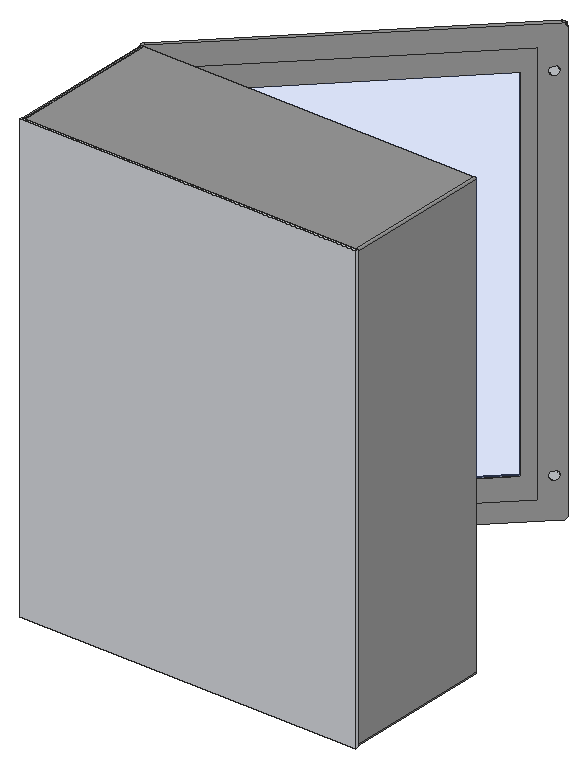
Revit family "Building-SurfaceMountingEnclosures-GEWISS-46QP-DISTRIBUTION-BOARD-POLYESTER_TRANSPARENT_DOOR_IP66", category Attrezzatura elettrica, host Muro, Revit 2016
Family settings
  Host = Muro
  Configurazione quadro = Due colonne, circuiti in orizzontale
  Tipo di parte = Pannello comandi
  Quota connettore circolare = Usa diametro
  Numero OmniClass = 23.80.30.11.17
  Titolo OmniClass = Distribution Boards and Control Panels
  Sempre verticale = Sì
  Taglio con vuoti quando caricato = No
  Condiviso = No
  Punto di calcolo locali = Sì
Parameters (values of type "GW46207F - WT.POLYEST. BOARD 800X1060X350 WIN. DOOR")
  Voltaggio = no
  Voltage = 0 V
  Vista di pianta [instance] = yes
  Vetro = GEWISS - VETRO
  Version file RFA = "18.0"
  URL = "https://www.gewiss.com/ww/en"
  Type of material = "Halogen-free in compliance with EN 60754-2"
  Type of door = "Transparent door"
  Thermo-pressure with ball = "200 °C"
  Technical sheet = "https://www.gewiss.com/ww/en/search?q=GW46207F"
  Surface-mounting brackets = "GW46446-GW46451"
  Struttura quadro = GEWISS - GRIGIO RAL 7035
  Standard. = "EN 61439-1, EN 61439-2, EN62208, EN 60670-1, IEC 60670-24"
  Sportello visibile [instance] = yes
  Spessore quadro = 350 mm
  Simbolo [instance] = yes
  Shock resistance = "Bottom IK10"
  SEO = "Board"
  Realized by GEWISS S.p.A. = ""
  Rated insulation voltage (Ui) = "1000 V"
  Produttore = "GEWISS S.p.A."
  Pannello = GEWISS - GRIGIO RAL 7035
  Operating temperature = "-25 +60 °C"
  Offset etichetta nome quadro [instance] = 1330.318 mm
  Numero poli = 1
  Nominal dim. LxHxD (mm) = "800x1060x350"
  No. of modules EN 50022: = "180 (36x5)"
  No. of modules EN 50022 = "180 (36x5)"
  No. locks = "2"
  Modello = "GW46207F"
  Maximum rated insulation voltage (Ue) = "690V"
  Material = "Polyester reinforced with fibreglass"
  Larghezza quadro = 800 mm
  Kit for double insulation restore = "GW46526"
  Insulation voltage: = "1000 V according to EN 62208 both in ac as well as in dc"
  Insulation voltage = "1000V"
  Insulation class = "II"
  Immagine tipo = 46 OBLò.JPG
  IP degree = "IP66"
  IFC.TypeObject = ""
  IFC.ExportType = ""
  IFC.ExportAs = ""
  IDT = "7e35b214-ea7b-432e-a143-ac9dd760c749"
  IDF = "878e5a25-aa0b-436d-80b1-56927f2d429c"
  H_quadro = 1060 mm
  H_da terra [instance] = 500 mm
  Glow Wire Test = "650°C"
  GEWISS SCHEDA TECNICA = "http://pro.gewiss.com/irj/portal/?NavigationTarget=pcd:portal_content/com.gewiss.ZPPFDMain/com.gewiss.ZPPFDITMain/com.gewiss.ZPPFDITMainDefault/com.gewiss.ZPPFDITPages/com.gewiss.ZPPFDITPagesAP/com.gewiss.ZPPFDITPagesAPCatalogo/com.gewiss.ZPPPDITAPProductDetail&codProd=GW46207"
  GW - NOME QUADRO [instance] = "NOME QUADRO"
  GEWISS - GUAINA = GEWISS - GUAINA
  Functional dim. LxHxD (mm) = "783x1066x350"
  Fast & Easy = "Yes"
  Family = "46 QP"
  Etichetta nome quadro [instance] = yes
  Electrocod = "0321"
  EAN code = "8011564854840"
  Distanza_fori = 100 mm
  Distanza orizzontale del simbolo [instance] = 947.222 mm
  Distanza dal muro [instance] = 4.208 mm
  Dispersible power B (W) = "226"
  Dispersible power A (W) = "324"
  Dispersible power (W) = "226"
  Dettaglio = DETTAGLIO QUADRI IN POLIESTERE OBLO : GW46207
  Descrizione = "WT.POLYEST. BOARD 800X1060X350 WIN. DOOR"
  Cornice simbolo [instance] = yes
  Colour = "Grey RAL 7035"
  Classificazione carico = Altro
  Classificazione = no
  Characteristics = "UV resistance (EN 62208)"
  Catalogue Range = "46 QP"
  Catalogue = "BUILDING"
  Carico apparente = no
  Carico Apparente = 0 VA
  COBie.Tagnumber = ""
  COBie.CreatedOn = ""
  COBie.CreatebBy = ""
  COBie.ComponentRegisterItemID = ""
  COBie.Component.TagNumber = ""
  COBie.Component.Space = ""
  COBie.Component.SerialNumber = ""
  COBie.Component.InstallationDate = ""
  COBie.Component.Description = ""
  COBie.Component.BarCode = ""
  Apertura quadro [instance] = 45.00°
  Angolo di apertura reale [instance] = if(Apertura quadro < 0.00°, 0.00°, if(Apertura quadro > 180.00°, 180.00°, Apertura quadro))  # 45.00°
Reference planes
  plane 1 "Muro": y = 0
  plane 2 "Centro (Sinistra/Destra)": x = 125
  plane 3 "Indietro": y = 75
  plane 4 "SX": x = 0
  plane 5 "DX": x = 800
  plane 6: y = 431
  plane 7 "Base quadro": z = 500
  plane 8: z = 1560
  plane 9: y = 81
  plane 10: z = 1510
  plane 11: z = 550
  plane 12: z = 1030
  plane 13: x = -822.222
  plane 14: y = 1405.318
Forms (mm)
  Extrusion 1, solid, material "GEWISS - GRIGIO RAL 7035" <- "Struttura quadro"
    sketch origin (0, 0, 0) x (1, 0, 0) y (0, 0, 1)
      loop
        line (795.201, 1560) -> (4.799, 1560)
        arc (4.799, 1560) -> (1.406, 1558.594) -> (0, 1555.201) r 4.799
        line (0, 1555.201) -> (0, 504.799)
        arc (0, 504.799) -> (1.405, 501.405) -> (4.799, 500) r 4.799
        line (4.799, 500) -> (795.201, 500)
        arc (795.201, 500) -> (798.594, 501.406) -> (800, 504.799) r 4.799
        line (800, 504.799) -> (800, 1555.201)
        arc (800, 1555.201) -> (798.594, 1558.594) -> (795.201, 1560) r 4.799
      loop
        line (795.201, 1556) -> (4.799, 1556)
        arc (4.799, 1556) -> (4.234, 1555.766) -> (4, 1555.201) r 0.799
        line (4, 1555.201) -> (4, 504.799)
        arc (4, 504.799) -> (4.234, 504.234) -> (4.799, 504) r 0.799
        line (4.799, 504) -> (795.201, 504)
        arc (795.201, 504) -> (795.766, 504.234) -> (796, 504.799) r 0.799
        line (796, 504.799) -> (796, 1555.201)
        arc (796, 1555.201) -> (795.766, 1555.766) -> (795.201, 1556) r 0.799
    from -431 to -81
  Extrusion 2, solid
    sketch origin (0, 0, 0) x (1, 0, 0) y (0, 0, 1)
      loop
        line (800, 1560) -> (0, 1560) -> (0, 500) -> (800, 500) -> (800, 1560)
    from -81 to -75
Lines and regions (mm)
  Masking region 1, visible <- "Vista di pianta"
    outline origin (0, 431, 0) x (0.707107, 0.707107, 0) y (-0.707107, 0.707107, 0)
      loop
        line (0, 0) -> (-251.73, -251.73) -> (313.955, -817.415) -> (565.685, -565.685) -> (0, 0)
  Masking region 2
    outline origin (125, 0, 0) x (0, 1, 0) y (0, 0, 1)
      loop
        line (75, 500) -> (431, 500) -> (431, 1560) -> (75, 1560) -> (75, 500)
  reference lines
    curve 1: line (0, 431, 0) -> (282.843, 713.843, 0)
Text (mm)
  text "Lato posizionamento" at (-2540.362, 1733.729, 0), in view "Livello rif."
  text "Lato posizionamento" at (0, 1409.804, 2854.306), in view "Sinistra"
  text "Lato posizionamento" at (0, 499.811, 2980.732), in view "Destra"
Dimensions and locks
  locked: plane 3 "Indietro" to host wall
  "H_da terra": level to plane 7 "Base quadro"
  "H_quadro": plane 7 "Base quadro" to plane 8
  locked: Extrusion 1 sketch curve to Extrusion 1 sketch curve at 4  (x4)
  locked: plane 9 to host wall at 6
  "Spessore quadro": plane 6 to plane 9
  locked: plane 10 to plane 8 at 50
  locked: plane 7 "Base quadro" to plane 11 at 50
  equal spacing: plane 7 "Base quadro", plane 12, plane 8
  "Larghezza quadro": plane 4 "SX" to plane 5 "DX"
  "Distanza orizzontale del simbolo": plane 13 to plane 2 "Centro (Sinistra/Destra)"
  "Offset etichetta nome quadro": plane 14 to plane 3 "Indietro"
  "Apertura quadro": angle plane 6 to curve 1
  aligned and locked: plane 1 "Muro" to host wall
  aligned and locked: plane 8 to Extrusion 1 sketch curve
  aligned and locked: plane 5 "DX" to Extrusion 1 sketch curve
  aligned and locked: Extrusion 1 sketch curve to plane 4 "SX"
  aligned and locked: plane 6 to Extrusion 1
  aligned and locked: Extrusion 1 to plane 9
  aligned and locked: plane 4 "SX" to Extrusion 2 sketch curve
  aligned and locked: plane 7 "Base quadro" to Extrusion 2 sketch curve
  aligned and locked: Extrusion 2 sketch curve to plane 5 "DX"
  aligned and locked: Extrusion 2 sketch curve to plane 8
  aligned and locked: plane 9 to Extrusion 2
  aligned and locked: Extrusion 2 to host wall
  aligned and locked: plane 6 to curve 1
  aligned and locked: plane 7 "Base quadro" to Extrusion 1 sketch curve
  aligned and locked: plane 12 to nested 2
  aligned and locked: nested 2 to plane 5 "DX"
  aligned and locked: Masking region 1 sketch curve to plane 6
  aligned and locked: Masking region 1 sketch curve to plane 5 "DX"
  aligned and locked: plane 4 "SX" to Masking region 1 sketch curve
  aligned and locked: Masking region 1 sketch curve to plane 3 "Indietro"
  aligned and locked: plane 13 to nested 3
  aligned and locked: plane 14 to nested 4
  aligned and locked: Masking region 2 sketch curve to Extrusion 2  (x2)
  aligned and locked: Masking region 2 sketch curve to Extrusion 1  (x2)
Automatic sketch dimensions
  Extrusion 1 sketch curve to Extrusion 1 sketch curve = 0 mm  (x6)
  Extrusion 1 sketch curve to Extrusion 1 sketch curve = 0.799 mm  (x4)
  curve 1 to plane 4 "SX" = 0 mm
Nested families
  nested 1: "GEWISS - Pannello OBLO'" at (88.416, 519.416, 0) x (0.7071, 0.7071, 0) z (0, 0, 1), visible <- "Sportello visibile", type "GEWISS - Pannello OBLO'"
    with Larghezza pannello 800 mm, H_pannello 1060 mm
  nested 2: "DETTAGLIO QUADRI IN POLIESTERE OBLO" at (800, 0, 1030) x (-1, 0, 0) z (0, -1, 0), type <- "Dettaglio", type "GW46207"
  nested 3: "QUADRILAN" at (-822.222, 75, 0), Distanza dal muro <- "Distanza dal muro", BORDO ACCESO <- "Cornice simbolo", SIMBOLO ACCESO <- "Simbolo", type "QUADRILAN"
    with SIMBOLO ACCESO yes, Distanza dal muro 4.208 mm, BORDO ACCESO yes
  nested 4: "NOME QUADRO" at (316.741, 1405.318, 0), TXT <- "GW - NOME QUADRO", visible <- "Etichetta nome quadro", type "NOME QUADRO"
    with TXT "NOME QUADRO"
Connectors
  electrical at (400, 253, 0), driven by "Numero poli", driven by "Classificazione carico", driven by "Voltage", driven by "Carico Apparente"
    settings: on Masking region 1, index 1, voltage 0 V, apparent load 0 VA, apparent load phase1 0 VA, apparent load phase2 0 VA, apparent load phase3 0 VA, power factor 1, load classification "Altro", number of poles 1, system type 31, power factor state 1, is connector primary yes, connector utility no, sub classification motor no, connector description ""
Definition of nested family "GEWISS - Pannello OBLO'"
  Parameters (values of type "GEWISS - Pannello OBLO'")
    Vetro = none
    Default Elevation = 1219.2 mm
    Pannello = none
    Larghezza pannello = 585 mm
    H_pannello = 800 mm
    H_da terra = 500 mm
    Guaina = none
  Reference planes
    plane 1 "Centro (Fronte/Retro)": y = 0
    plane 2: z = 0
    plane 3 "Centro (Sinistra/Destra)": x = 0
    plane 4: x = -125
    plane 5: x = 460
    plane 6: y = 8
    plane 7: z = 1300
    plane 8: z = 1198.581
    plane 9: z = 596.581
    plane 10: x = 435
    plane 11: z = 500
    plane 12: x = -69.978
    plane 13: x = 402.022
    plane 14: z = 1248.581
    plane 15: z = 546.581
    plane 16: x = 372.022
    plane 17: x = -39.978
  Forms (mm)
    Extrusion 1, void
      sketch origin (0, 0, 0) x (1, 0, 0) y (0, 0, 1)
        loop
          circle (435, 1198.581) r 10
        loop
          circle (435, 596.581) r 10
      from -8 to 0
    Extrusion 2, solid, material <- "Pannello"
      sketch origin (0, 0, 0) x (1, 0, 0) y (0, 0, 1)
        loop
          arc (-115.38, 1300) -> (-121.899, 1297.384) -> (-125, 1291.081) r 9.814
          line (-125, 1291.081) -> (-125, 509.562)
          arc (-125, 509.562) -> (-122.127, 502.852) -> (-115.407, 500) r 9.781
          line (-115.407, 500) -> (450.415, 500)
          arc (450.415, 500) -> (457.129, 502.852) -> (460, 509.557) r 9.777
          line (460, 509.557) -> (460, 1290.935)
          arc (460, 1290.935) -> (456.943, 1297.334) -> (450.373, 1300) r 9.809
          line (450.373, 1300) -> (-115.38, 1300)
        loop
          line (-69.978, 546.581) -> (402.022, 546.581) -> (402.022, 1248.581) -> (-69.978, 1248.581) -> (-69.978, 546.581)
      from -8 to 0
    Extrusion 3, solid
      sketch origin (0, 0, 0) x (1, 0, 0) y (0, 0, 1)
        loop
          circle (435, 1198.581) r 10
        loop
          circle (435, 596.581) r 10
      from -11.061 to 0
    Extrusion 4, solid, material <- "Vetro"
      sketch origin (0, 0, 0) x (1, 0, 0) y (0, 0, 1)
        loop
          line (-39.978, 596.581) -> (372.022, 596.581) -> (372.022, 1198.581) -> (-39.978, 1198.581) -> (-39.978, 596.581)
      from -8 to 0
    Extrusion 5, solid, material <- "Guaina"
      sketch origin (0, 0, 0) x (1, 0, 0) y (0, 0, 1)
        loop
          line (-69.978, 1248.581) -> (-69.978, 546.581) -> (402.022, 546.581) -> (402.022, 1248.581) -> (-69.978, 1248.581)
        loop
          line (-39.978, 1198.581) -> (-39.978, 596.581) -> (372.022, 596.581) -> (372.022, 1198.581) -> (-39.978, 1198.581)
      from -8 to 0
  Cuts and joins
    Extrusion 1 cuts Extrusion 2
  Dimensions and locks
    locked: plane 1 "Centro (Fronte/Retro)" to plane 6 at 8
    locked: plane 5 to plane 10 at 25
    "H_pannello": plane 7 to plane 11
    "H_da terra": plane 11 to plane 2
    "Larghezza pannello": plane 4 to plane 5
    locked: plane 7 to plane 14 at 51.419
    locked: plane 15 to plane 11 at 46.581
    locked: plane 12 to plane 4 at 55.022
    locked: plane 5 to plane 13 at 57.978
    locked: Extrusion 3 to plane 6 at 3.061
    plane 14 to plane 8 = 50 mm
    locked: plane 17 to plane 12 at 30
    locked: plane 13 to plane 16 at 30
    locked: plane 9 to plane 15 at 50
    aligned and locked: level to plane 2
    aligned and locked: plane 8 to Extrusion 1 sketch curve
    aligned and locked: plane 10 to Extrusion 1 sketch curve  (x2)
    aligned and locked: plane 9 to Extrusion 1 sketch curve
    aligned and locked: plane 6 to Extrusion 1
    aligned and locked: plane 1 "Centro (Fronte/Retro)" to Extrusion 1
    aligned and locked: Extrusion 2 sketch curve to plane 4
    aligned and locked: Extrusion 2 sketch curve to plane 7
    aligned and locked: Extrusion 2 sketch curve to plane 5
    aligned and locked: Extrusion 2 sketch curve to plane 11
    aligned and locked: plane 6 to Extrusion 2
    aligned and locked: plane 1 "Centro (Fronte/Retro)" to Extrusion 2
    aligned and locked: plane 12 to Extrusion 2
    aligned and locked: Extrusion 2 to plane 13
    aligned and locked: Extrusion 2 to plane 14
    aligned and locked: Extrusion 2 to plane 15
    aligned and locked: plane 8 to Extrusion 3 sketch curve
    aligned and locked: plane 10 to Extrusion 3 sketch curve  (x2)
    aligned and locked: plane 9 to Extrusion 3 sketch curve
    aligned and locked: plane 1 "Centro (Fronte/Retro)" to Extrusion 3
    aligned and locked: plane 6 to Extrusion 4
    aligned and locked: plane 1 "Centro (Fronte/Retro)" to Extrusion 4
    aligned and locked: Extrusion 5 sketch curve to cut or joined group of Extrusion 1, Extrusion 2  (x4)
    aligned and locked: Extrusion 5 sketch curve to plane 8
    aligned and locked: plane 17 to Extrusion 5 sketch curve
    aligned and locked: plane 9 to Extrusion 5 sketch curve
    aligned and locked: Extrusion 5 sketch curve to plane 16
    aligned and locked: plane 6 to Extrusion 5
    aligned and locked: plane 1 "Centro (Fronte/Retro)" to Extrusion 5
    aligned and locked: plane 17 to Extrusion 4 sketch curve
    aligned and locked: plane 9 to Extrusion 4 sketch curve
    aligned and locked: Extrusion 4 sketch curve to plane 16
    aligned and locked: Extrusion 4 sketch curve to plane 8
  Automatic sketch dimensions
    plane 4 to Extrusion 2 sketch curve = 9.593 mm
    plane 4 to Extrusion 2 sketch curve = 9.62 mm
    plane 4 to Extrusion 2 sketch curve = 9.773 mm
    plane 4 to Extrusion 2 sketch curve = 9.779 mm
    Extrusion 2 sketch curve to plane 5 = 9.781 mm
    Extrusion 2 sketch curve to plane 5 = 9.774 mm
    Extrusion 2 sketch curve to plane 5 = 9.627 mm
    Extrusion 2 sketch curve to plane 5 = 9.585 mm
    plane 11 to Extrusion 2 sketch curve = 9.557 mm
    plane 11 to Extrusion 2 sketch curve = 9.562 mm
    Extrusion 2 sketch curve to Extrusion 2 sketch curve = 9.812 mm
    Extrusion 2 sketch curve to Extrusion 2 sketch curve = 9.808 mm
    Extrusion 2 sketch curve to plane 14 = 0 mm
    Extrusion 2 sketch curve to plane 12 = 0 mm
    Extrusion 2 sketch curve to plane 13 = 0 mm
    Extrusion 2 sketch curve to plane 15 = 0 mm
    radius of Extrusion 1 sketch curve = 10 mm  (x2)
    radius of Extrusion 3 sketch curve = 10 mm  (x2)
Definition of nested family "DETTAGLIO QUADRI IN POLIESTERE OBLO"
  Parameters (values of type "GW46207")
    gw46202 = no
    GW46207 = yes
    GW46206 = no
    GW46205 = no
    GW46204 = no
    GW46203 = no
    GW46201 = no
  Types (7, lengths in mm): name | gw46202 | GW46207 | GW46206 | GW46205 | GW46204 | GW46203 | GW46201
    GW46201 | no | no | no | no | no | no | yes
    GW46202 | yes | no | no | no | no | no | no
    GW46203 | no | no | no | no | no | yes | no
    GW46204 | no | no | no | no | yes | no | no
    GW46205 | no | no | no | yes | no | no | no
    GW46206 | no | no | yes | no | no | no | no
    GW46207 | no | yes | no | no | no | no | no
  Reference planes
    plane 1 "Centro (Fronte/Retro)": y = 0
    plane 2: z = 0
    plane 3 "Centro (Sinistra/Destra)": x = 0
  Lines and regions (mm)
    detail lines, in view "Livello rif.", visible <- "gw46202"
      curve 1: line (313, -201.674, 0) -> (0, -201.674, 0)
      curve 2: line (0, -201.674, 0) -> (0, 201.674, 0)
      curve 3: line (0, 201.674, 0) -> (313, 201.674, 0)
      curve 4: line (313, 201.674, 0) -> (313, -201.674, 0)
      curve 5: line (313, -201.674, 0) -> (312.445, -205.793, 0)
      curve 6: line (312.445, -205.793, 0) -> (310.251, -209.251, 0)
      curve 7: line (310.251, -209.251, 0) -> (307.455, -211.178, 0)
      curve 8: line (307.455, -211.178, 0) -> (303.613, -212, 0)
      curve 9: line (303.613, -212, 0) -> (9.387, -212, 0)
      curve 10: line (313, 201.674, 0) -> (312.498, 205.7, 0)
      curve 11: line (312.498, 205.7, 0) -> (310.581, 208.905, 0)
      curve 12: line (310.581, 208.905, 0) -> (307.644, 211.084, 0)
      curve 13: line (307.644, 211.084, 0) -> (303.613, 212, 0)
      curve 14: line (303.613, 212, 0) -> (9.387, 212, 0)
      curve 15: line (9.387, 212, 0) -> (5.579, 211.187, 0)
      curve 16: line (5.579, 211.187, 0) -> (2.419, 208.905, 0)
      curve 17: line (2.419, 208.905, 0) -> (0.553, 205.839, 0)
      curve 18: line (0.553, 205.839, 0) -> (0, 201.674, 0)
      curve 19: line (0, -201.674, 0) -> (0.586, -205.878, 0)
      curve 20: line (0.586, -205.878, 0) -> (2.749, -209.251, 0)
      curve 21: line (2.749, -209.251, 0) -> (6.045, -211.385, 0)
      curve 22: line (6.045, -211.385, 0) -> (9.387, -212, 0)
      curve 23: line (112.177, 58.713, 0) -> (151.991, 102.249, 0)
      curve 24: line (115.336, 83.576, 0) -> (142.67, 113.464, 0)
      curve 25: line (98.227, 86.613, 0) -> (142.837, 135.393, 0)
      curve 26: line (165.333, -108.097, 0) -> (209.943, -59.317, 0)
      curve 27: line (179.283, -135.997, 0) -> (219.097, -92.46, 0)
      curve 28: line (182.442, -111.134, 0) -> (209.776, -81.245, 0)
      curve 29: line (110.549, -152.145, 0) -> (204.451, -152.145, 0)
      curve 30: line (241.493, -120.742, 0) -> (242, -114.596, 0)
      curve 31: line (242, -114.596, 0) -> (242, 120.306, 0)
      curve 32: line (204.451, 157.855, 0) -> (110.549, 157.855, 0)
      curve 33: line (73, 120.306, 0) -> (73, -114.596, 0)
      curve 34: arc (204.451, 157.855, 0) -> (231.002, 146.857, 0) -> (242, 120.306, 0) r 37.549
      curve 35: arc (110.549, 157.855, 0) -> (83.998, 146.857, 0) -> (73, 120.306, 0) r 37.549
      curve 36: arc (204.451, -152.145, 0) -> (231.002, -141.147, 0) -> (242, -114.596, 0) r 37.549
      curve 37: arc (110.549, -152.145, 0) -> (83.998, -141.147, 0) -> (73, -114.596, 0) r 37.549
      curve 42: line (156.5, -243.487, 0) -> (156.5, 245.423, 0)
      curve 43: line (0, 0, 0) -> (338.141, 0, 0)
    detail lines, in view "Livello rif.", visible <- "gw46202", detail levels medium+fine
      curve 38: circle (270.661, 110.653, 0) r 15.964 normal (0, 0, 1)
      curve 39: circle (270.661, 110.653, 0) r 7.802 normal (0, 0, 1)
      curve 40: circle (270.661, -123.146, 0) r 15.964 normal (0, 0, 1)
      curve 41: circle (270.661, -123.146, 0) r 7.802 normal (0, 0, 1)
    detail lines, in view "Livello rif.", visible <- "gw46202", not visible
      curve 44: line (893.732, -1238.492, 0) -> (580.732, -1238.492, 0)
      curve 45: line (580.732, -1238.492, 0) -> (580.732, -835.144, 0)
      curve 46: line (580.732, -835.144, 0) -> (893.732, -835.144, 0)
      curve 47: line (893.732, -835.144, 0) -> (893.732, -1238.492, 0)
      curve 48: line (893.732, -1238.492, 0) -> (893.176, -1242.611, 0)
      curve 49: line (893.176, -1242.611, 0) -> (890.982, -1246.068, 0)
      curve 50: line (890.982, -1246.068, 0) -> (888.187, -1247.995, 0)
      curve 51: line (888.187, -1247.995, 0) -> (884.344, -1248.818, 0)
      curve 52: line (884.344, -1248.818, 0) -> (590.119, -1248.818, 0)
      curve 53: line (893.732, -835.144, 0) -> (893.23, -831.118, 0)
      curve 54: line (893.23, -831.118, 0) -> (891.313, -827.913, 0)
      curve 55: line (891.313, -827.913, 0) -> (888.376, -825.734, 0)
      curve 56: line (888.376, -825.734, 0) -> (884.344, -824.818, 0)
      curve 57: line (884.344, -824.818, 0) -> (590.119, -824.818, 0)
      curve 58: line (590.119, -824.818, 0) -> (586.311, -825.631, 0)
      curve 59: line (586.311, -825.631, 0) -> (583.15, -827.913, 0)
      curve 60: line (583.15, -827.913, 0) -> (581.284, -830.978, 0)
      curve 61: line (581.284, -830.978, 0) -> (580.732, -835.144, 0)
      curve 62: line (580.732, -1238.492, 0) -> (581.318, -1242.695, 0)
      curve 63: line (581.318, -1242.695, 0) -> (583.481, -1246.068, 0)
      curve 64: line (583.481, -1246.068, 0) -> (586.776, -1248.202, 0)
      curve 65: line (586.776, -1248.202, 0) -> (590.119, -1248.818, 0)
      curve 66: line (692.909, -978.105, 0) -> (732.723, -934.569, 0)
      curve 67: line (696.068, -953.242, 0) -> (723.401, -923.354, 0)
      curve 68: line (678.959, -950.205, 0) -> (723.569, -901.425, 0)
      curve 69: line (746.064, -1144.914, 0) -> (790.674, -1096.134, 0)
      curve 70: line (760.014, -1172.814, 0) -> (799.829, -1129.278, 0)
      curve 71: line (763.174, -1147.951, 0) -> (790.507, -1118.063, 0)
      curve 72: line (691.281, -1188.963, 0) -> (785.182, -1188.963, 0)
      curve 73: line (822.225, -1157.56, 0) -> (822.732, -1151.413, 0)
      curve 74: line (822.732, -1151.413, 0) -> (822.732, -916.512, 0)
      curve 75: line (785.182, -878.963, 0) -> (691.281, -878.963, 0)
      curve 76: line (653.732, -916.512, 0) -> (653.732, -1151.413, 0)
      curve 77: arc (785.182, -878.963, 0) -> (811.734, -889.961, 0) -> (822.732, -916.512, 0) r 37.549
      curve 78: arc (691.281, -878.963, 0) -> (664.729, -889.961, 0) -> (653.732, -916.512, 0) r 37.549
      curve 79: arc (785.182, -1188.963, 0) -> (811.734, -1177.965, 0) -> (822.732, -1151.413, 0) r 37.549
      curve 80: arc (691.281, -1188.963, 0) -> (664.729, -1177.965, 0) -> (653.732, -1151.413, 0) r 37.549
      curve 85: line (737.232, -1280.304, 0) -> (737.232, -791.394, 0)
      curve 86: line (580.732, -1036.818, 0) -> (918.873, -1036.818, 0)
    detail lines, in view "Livello rif.", visible <- "gw46202", not visible, detail levels medium+fine
      curve 81: circle (851.392, -926.165, 0) r 15.964 normal (0, 0, 1)
      curve 82: circle (851.392, -926.165, 0) r 7.802 normal (0, 0, 1)
      curve 83: circle (851.392, -1159.963, 0) r 15.964 normal (0, 0, 1)
      curve 84: circle (851.392, -1159.963, 0) r 7.802 normal (0, 0, 1)
    detail lines, in view "Livello rif.", visible <- "GW46203"
      curve 87: line (405, 239.674, 0) -> (404.624, 243.242, 0)
      curve 88: line (404.624, 243.242, 0) -> (402.745, 246.717, 0)
      curve 89: line (402.745, 246.717, 0) -> (400.221, 248.791, 0)
      curve 90: line (400.221, 248.791, 0) -> (395.613, 250, 0)
      curve 91: line (395.613, 250, 0) -> (9.387, 250, 0)
      curve 92: line (9.387, 250, 0) -> (5.88, 249.32, 0)
      curve 93: line (5.88, 249.32, 0) -> (2.402, 246.884, 0)
      curve 94: line (2.402, 246.884, 0) -> (0.356, 243.173, 0)
      curve 95: line (0.356, 243.173, 0) -> (0, 239.674, 0)
      curve 96: line (0, -239.674, 0) -> (0.461, -243.518, 0)
      curve 97: line (0.461, -243.518, 0) -> (2.444, -246.931, 0)
      curve 98: line (2.444, -246.931, 0) -> (5.642, -249.221, 0)
      curve 99: line (5.642, -249.221, 0) -> (9.387, -250, 0)
      curve 100: line (9.387, -250, 0) -> (395.613, -250, 0)
      curve 101: line (395.613, -250, 0) -> (399.412, -249.197, 0)
      curve 102: line (399.412, -249.197, 0) -> (402.688, -246.782, 0)
      curve 103: line (402.688, -246.782, 0) -> (404.672, -243.071, 0)
      curve 104: line (404.672, -243.071, 0) -> (405, -239.674, 0)
      curve 105: line (405, -239.674, 0) -> (0, -239.674, 0)
      curve 106: line (0, -239.674, 0) -> (0, 239.674, 0)
      curve 107: line (0, 239.674, 0) -> (405, 239.674, 0)
      curve 108: line (405, 239.674, 0) -> (405, -239.674, 0)
      curve 109: line (113.194, 73.699, 0) -> (156.989, 121.589, 0)
      curve 110: line (116.669, 101.048, 0) -> (146.735, 133.926, 0)
      curve 111: line (97.849, 104.389, 0) -> (146.92, 158.047, 0)
      curve 112: line (248.336, -129.619, 0) -> (297.407, -75.961, 0)
      curve 113: line (263.681, -160.309, 0) -> (307.477, -112.419, 0)
      curve 114: line (267.156, -132.96, 0) -> (297.223, -100.082, 0)
      curve 115: line (107.549, -177.145, 0) -> (296.451, -177.145, 0)
      curve 116: line (334, -139.596, 0) -> (334, 145.306, 0)
      curve 117: line (296.451, 182.855, 0) -> (107.549, 182.855, 0)
      curve 118: line (70, 145.306, 0) -> (70, -139.596, 0)
      curve 123: arc (296.451, 182.855, 0) -> (323.002, 171.857, 0) -> (334, 145.306, 0) r 37.549
      curve 124: arc (107.549, 182.855, 0) -> (80.998, 171.857, 0) -> (70, 145.306, 0) r 37.549
      curve 125: arc (296.451, -177.145, 0) -> (323.002, -166.147, 0) -> (334, -139.596, 0) r 37.549
      curve 126: arc (107.549, -177.145, 0) -> (80.998, -166.147, 0) -> (70, -139.596, 0) r 37.549
      curve 127: line (202.5, -290.191, 0) -> (202.5, 300.66, 0)
      curve 128: line (-28.734, 0, 0) -> (430.24, 0, 0)
    detail lines, in view "Livello rif.", visible <- "GW46203", detail levels medium+fine
      curve 119: circle (372.739, 130.344, 0) r 15.964 normal (0, 0, 1)
      curve 120: circle (372.739, 130.344, 0) r 7.802 normal (0, 0, 1)
      curve 121: circle (372.739, -153.884, 0) r 15.964 normal (0, 0, 1)
      curve 122: circle (372.739, -153.884, 0) r 7.802 normal (0, 0, 1)
    detail lines, in view "Livello rif.", visible <- "GW46203", not visible
      curve 129: line (1395.006, -330.855, 0) -> (1394.63, -327.287, 0)
      curve 130: line (1394.63, -327.287, 0) -> (1392.75, -323.812, 0)
      curve 131: line (1392.75, -323.812, 0) -> (1390.227, -321.738, 0)
      curve 132: line (1390.227, -321.738, 0) -> (1385.618, -320.529, 0)
      curve 133: line (1385.618, -320.529, 0) -> (999.393, -320.529, 0)
      curve 134: line (999.393, -320.529, 0) -> (995.886, -321.209, 0)
      curve 135: line (995.886, -321.209, 0) -> (992.408, -323.645, 0)
      curve 136: line (992.408, -323.645, 0) -> (990.362, -327.356, 0)
      curve 137: line (990.362, -327.356, 0) -> (990.006, -330.855, 0)
      curve 138: line (990.006, -810.203, 0) -> (990.467, -814.047, 0)
      curve 139: line (990.467, -814.047, 0) -> (992.45, -817.46, 0)
      curve 140: line (992.45, -817.46, 0) -> (995.648, -819.749, 0)
      curve 141: line (995.648, -819.749, 0) -> (999.393, -820.529, 0)
      curve 142: line (999.393, -820.529, 0) -> (1385.618, -820.529, 0)
      curve 143: line (1385.618, -820.529, 0) -> (1389.418, -819.725, 0)
      curve 144: line (1389.418, -819.725, 0) -> (1392.694, -817.311, 0)
      curve 145: line (1392.694, -817.311, 0) -> (1394.678, -813.6, 0)
      curve 146: line (1394.678, -813.6, 0) -> (1395.006, -810.203, 0)
      curve 147: line (1395.006, -810.203, 0) -> (990.006, -810.203, 0)
      curve 148: line (990.006, -810.203, 0) -> (990.006, -330.855, 0)
      curve 149: line (990.006, -330.855, 0) -> (1395.006, -330.855, 0)
      curve 150: line (1395.006, -330.855, 0) -> (1395.006, -810.203, 0)
      curve 151: line (1103.199, -496.83, 0) -> (1146.995, -448.94, 0)
      curve 152: line (1106.674, -469.481, 0) -> (1136.741, -436.603, 0)
      curve 153: line (1087.854, -466.14, 0) -> (1136.925, -412.482, 0)
      curve 154: line (1238.342, -700.148, 0) -> (1287.413, -646.49, 0)
      curve 155: line (1253.687, -730.838, 0) -> (1297.483, -682.948, 0)
      curve 156: line (1257.162, -703.489, 0) -> (1287.229, -670.611, 0)
      curve 157: line (1097.555, -747.674, 0) -> (1286.456, -747.674, 0)
      curve 158: line (1324.006, -710.124, 0) -> (1324.006, -425.223, 0)
      curve 159: line (1286.456, -387.674, 0) -> (1097.555, -387.674, 0)
      curve 160: line (1060.006, -425.223, 0) -> (1060.006, -710.124, 0)
      curve 165: arc (1286.456, -387.674, 0) -> (1313.008, -398.672, 0) -> (1324.006, -425.223, 0) r 37.549
      curve 166: arc (1097.555, -387.674, 0) -> (1071.004, -398.672, 0) -> (1060.006, -425.223, 0) r 37.549
      curve 167: arc (1286.456, -747.674, 0) -> (1313.008, -736.676, 0) -> (1324.006, -710.124, 0) r 37.549
      curve 168: arc (1097.555, -747.674, 0) -> (1071.004, -736.676, 0) -> (1060.006, -710.124, 0) r 37.549
      curve 169: line (1192.506, -860.72, 0) -> (1192.506, -269.868, 0)
      curve 170: line (961.272, -570.529, 0) -> (1420.246, -570.529, 0)
    detail lines, in view "Livello rif.", visible <- "GW46203", not visible, detail levels medium+fine
      curve 161: circle (1362.744, -440.185, 0) r 15.964 normal (0, 0, 1)
      curve 162: circle (1362.744, -440.185, 0) r 7.802 normal (0, 0, 1)
      curve 163: circle (1362.744, -724.412, 0) r 15.964 normal (0, 0, 1)
      curve 164: circle (1362.744, -724.412, 0) r 7.802 normal (0, 0, 1)
    detail lines, in view "Livello rif.", visible <- "GW46206"
      curve 171: line (9.387, -400, 0) -> (6.048, -399.386, 0)
      curve 172: line (6.048, -399.386, 0) -> (2.749, -397.251, 0)
      curve 173: line (2.749, -397.251, 0) -> (0.55, -393.778, 0)
      curve 174: line (0.55, -393.778, 0) -> (0, -389.674, 0)
      curve 175: line (0, -389.674, 0) -> (0, 389.674, 0)
      curve 176: line (0, 389.674, 0) -> (585, 389.674, 0)
      curve 177: line (585, 389.674, 0) -> (585, -389.674, 0)
      curve 178: line (585, -389.674, 0) -> (584.363, -394.011, 0)
      curve 179: line (584.363, -394.011, 0) -> (582.251, -397.251, 0)
      curve 180: line (582.251, -397.251, 0) -> (579.2, -399.288, 0)
      curve 181: line (579.2, -399.288, 0) -> (575.613, -400, 0)
      curve 182: line (575.613, -400, 0) -> (9.387, -400, 0)
      curve 183: line (585, -389.674, 0) -> (0, -389.674, 0)
      curve 184: line (0, 389.674, 0) -> (0.258, 393.694, 0)
      curve 185: line (0.258, 393.694, 0) -> (1.638, 396.924, 0)
      curve 186: line (1.638, 396.924, 0) -> (4.086, 399.008, 0)
      curve 187: line (4.086, 399.008, 0) -> (7.387, 400, 0)
      curve 188: line (7.387, 400, 0) -> (575.613, 400, 0)
      curve 189: line (575.613, 400, 0) -> (579.464, 399.173, 0)
      curve 190: line (579.464, 399.173, 0) -> (582.65, 396.825, 0)
      curve 191: line (582.65, 396.825, 0) -> (584.613, 393.279, 0)
      curve 192: line (584.613, 393.279, 0) -> (585, 389.674, 0)
      curve 193: line (136.825, 168.476, 0) -> (200.417, 238.012, 0)
      curve 194: line (141.871, 208.187, 0) -> (185.528, 255.925, 0)
      curve 195: line (114.544, 213.037, 0) -> (185.795, 290.949, 0)
      curve 196: line (388.533, -241.485, 0) -> (459.784, -163.573, 0)
      curve 197: line (410.814, -286.047, 0) -> (474.406, -216.511, 0)
      curve 198: line (415.86, -246.336, 0) -> (459.517, -198.598, 0)
      curve 199: line (514, 290.306, 0) -> (514, -284.596, 0)
      curve 200: line (476.451, -322.145, 0) -> (111.549, -322.145, 0)
      curve 201: line (74, -284.596, 0) -> (74, 290.306, 0)
      curve 202: line (111.549, 327.855, 0) -> (476.451, 327.855, 0)
      curve 207: arc (74, 290.306, 0) -> (84.998, 316.857, 0) -> (111.549, 327.855, 0) r 37.549
      curve 208: arc (514, 290.306, 0) -> (503.002, 316.857, 0) -> (476.451, 327.855, 0) r 37.549
      curve 209: arc (74, -284.596, 0) -> (84.998, -311.147, 0) -> (111.549, -322.145, 0) r 37.549
      curve 210: arc (476.451, -322.145, 0) -> (503.002, -311.147, 0) -> (514, -284.596, 0) r 37.549
      curve 211: line (291.5, -416.514, 0) -> (291.5, 460.97, 0)
      curve 212: line (-52.195, 0, 0) -> (641.137, 0, 0)
    detail lines, in view "Livello rif.", visible <- "GW46206", detail levels medium+fine
      curve 203: circle (552.105, 261.844, 0) r 15.964 normal (0, 0, 1)
      curve 204: circle (552.105, 261.844, 0) r 7.802 normal (0, 0, 1)
      curve 205: circle (552.105, -283.271, 0) r 15.964 normal (0, 0, 1)
      curve 206: circle (552.105, -283.271, 0) r 7.802 normal (0, 0, 1)
    detail lines, in view "Livello rif.", visible <- "GW46206", not visible
      curve 213: line (443.104, 61.181, 0) -> (439.765, 61.795, 0)
      curve 214: line (439.765, 61.795, 0) -> (436.466, 63.931, 0)
      curve 215: line (436.466, 63.931, 0) -> (434.267, 67.403, 0)
      curve 216: line (434.267, 67.403, 0) -> (433.717, 71.507, 0)
      curve 217: line (433.717, 71.507, 0) -> (433.717, 850.855, 0)
      curve 218: line (433.717, 850.855, 0) -> (1018.717, 850.855, 0)
      curve 219: line (1018.717, 850.855, 0) -> (1018.717, 71.507, 0)
      curve 220: line (1018.717, 71.507, 0) -> (1018.08, 67.17, 0)
      curve 221: line (1018.08, 67.17, 0) -> (1015.967, 63.931, 0)
      curve 222: line (1015.967, 63.931, 0) -> (1012.917, 61.894, 0)
      curve 223: line (1012.917, 61.894, 0) -> (1009.33, 61.181, 0)
      curve 224: line (1009.33, 61.181, 0) -> (443.104, 61.181, 0)
      curve 225: line (1018.717, 71.507, 0) -> (433.717, 71.507, 0)
      curve 226: line (433.717, 850.855, 0) -> (433.975, 854.875, 0)
      curve 227: line (433.975, 854.875, 0) -> (435.354, 858.106, 0)
      curve 228: line (435.354, 858.106, 0) -> (437.803, 860.189, 0)
      curve 229: line (437.803, 860.189, 0) -> (441.104, 861.181, 0)
      curve 230: line (441.104, 861.181, 0) -> (1009.33, 861.181, 0)
      curve 231: line (1009.33, 861.181, 0) -> (1013.181, 860.355, 0)
      curve 232: line (1013.181, 860.355, 0) -> (1016.367, 858.006, 0)
      curve 233: line (1016.367, 858.006, 0) -> (1018.33, 854.46, 0)
      curve 234: line (1018.33, 854.46, 0) -> (1018.717, 850.855, 0)
      curve 235: line (570.542, 629.657, 0) -> (634.134, 699.193, 0)
      curve 236: line (575.588, 669.368, 0) -> (619.245, 717.106, 0)
      curve 237: line (548.261, 674.219, 0) -> (619.512, 752.13, 0)
      curve 238: line (822.25, 219.696, 0) -> (893.501, 297.608, 0)
      curve 239: line (844.531, 175.134, 0) -> (908.123, 244.67, 0)
      curve 240: line (849.577, 214.846, 0) -> (893.234, 262.584, 0)
      curve 241: line (947.717, 751.487, 0) -> (947.717, 176.586, 0)
      curve 242: line (910.168, 139.036, 0) -> (545.266, 139.036, 0)
      curve 243: line (507.717, 176.586, 0) -> (507.717, 751.487, 0)
      curve 244: line (545.266, 789.036, 0) -> (910.168, 789.036, 0)
      curve 249: arc (507.717, 751.487, 0) -> (518.715, 778.038, 0) -> (545.266, 789.036, 0) r 37.549
      curve 250: arc (947.717, 751.487, 0) -> (936.719, 778.038, 0) -> (910.168, 789.036, 0) r 37.549
      curve 251: arc (507.717, 176.586, 0) -> (518.715, 150.034, 0) -> (545.266, 139.036, 0) r 37.549
      curve 252: arc (910.168, 139.036, 0) -> (936.719, 150.034, 0) -> (947.717, 176.586, 0) r 37.549
      curve 253: line (725.217, 44.667, 0) -> (725.217, 922.151, 0)
      curve 254: line (381.522, 461.181, 0) -> (1074.854, 461.181, 0)
    detail lines, in view "Livello rif.", visible <- "GW46206", not visible, detail levels medium+fine
      curve 245: circle (985.822, 723.025, 0) r 15.964 normal (0, 0, 1)
      curve 246: circle (985.822, 723.025, 0) r 7.802 normal (0, 0, 1)
      curve 247: circle (985.822, 177.911, 0) r 15.964 normal (0, 0, 1)
      curve 248: circle (985.822, 177.911, 0) r 7.802 normal (0, 0, 1)
    detail lines, in view "Livello rif.", visible <- "GW46204"
      curve 255: line (0, 315.143, 0) -> (0.43, 318.891, 0)
      curve 256: line (0.43, 318.891, 0) -> (2.223, 322.148, 0)
      curve 257: line (2.223, 322.148, 0) -> (5.127, 324.447, 0)
      curve 258: line (5.127, 324.447, 0) -> (9.387, 325.469, 0)
      curve 259: line (9.387, 325.469, 0) -> (395.613, 325.469, 0)
      curve 260: line (395.613, 325.469, 0) -> (399.873, 324.447, 0)
      curve 261: line (399.873, 324.447, 0) -> (402.777, 322.148, 0)
      curve 262: line (402.777, 322.148, 0) -> (404.57, 318.891, 0)
      curve 263: line (404.57, 318.891, 0) -> (405, 315.143, 0)
      curve 264: line (0, -315.143, 0) -> (0, 315.143, 0)
      curve 265: line (0, 315.143, 0) -> (405, 315.143, 0)
      curve 266: line (405, 315.143, 0) -> (405, -314.205, 0)
      curve 267: line (9.387, -324.531, 0) -> (395.613, -324.531, 0)
      curve 268: line (395.613, -324.531, 0) -> (399.392, -323.736, 0)
      curve 269: line (399.392, -323.736, 0) -> (402.413, -321.614, 0)
      curve 270: line (402.413, -321.614, 0) -> (404.332, -318.622, 0)
      curve 271: line (404.332, -318.622, 0) -> (405, -314.205, 0)
      curve 272: line (405, -314.205, 0) -> (0, -314.205, 0)
      curve 273: line (0, -314.205, 0) -> (0.534, -318.263, 0)
      curve 274: line (0.534, -318.263, 0) -> (2.237, -321.226, 0)
      curve 275: line (2.237, -321.226, 0) -> (5.939, -323.874, 0)
      curve 276: line (5.939, -323.874, 0) -> (9.387, -324.531, 0)
      curve 277: line (117.06, 137.56, 0) -> (165.235, 190.239, 0)
      curve 278: line (120.882, 167.644, 0) -> (153.956, 203.809, 0)
      curve 279: line (100.18, 171.319, 0) -> (154.158, 230.343, 0)
      curve 280: line (239.812, -199.722, 0) -> (293.79, -140.698, 0)
      curve 281: line (256.691, -233.481, 0) -> (304.867, -180.803, 0)
      curve 282: line (260.514, -203.397, 0) -> (293.587, -167.232, 0)
      curve 283: line (107.549, -252.145, 0) -> (296.451, -252.145, 0)
      curve 284: line (334, -214.596, 0) -> (334, 220.306, 0)
      curve 285: line (296.451, 257.855, 0) -> (107.549, 257.855, 0)
      curve 286: line (70, 220.306, 0) -> (70, -214.596, 0)
      curve 291: arc (70, 220.306, 0) -> (80.998, 246.857, 0) -> (107.549, 257.855, 0) r 37.549
      curve 292: arc (296.451, 257.855, 0) -> (323.002, 246.857, 0) -> (334, 220.306, 0) r 37.549
      curve 293: arc (107.549, -252.145, 0) -> (80.998, -241.147, 0) -> (70, -214.596, 0) r 37.549
      curve 294: arc (296.451, -252.145, 0) -> (323.002, -241.147, 0) -> (334, -214.596, 0) r 37.549
      curve 295: line (202.5, -361.286, 0) -> (202.5, 371.81, 0)
      curve 296: line (-8.741, 0, 0) -> (422.46, 0, 0)
    detail lines, in view "Livello rif.", visible <- "GW46204", detail levels medium+fine
      curve 287: circle (371.345, 208.384, 0) r 15.964 normal (0, 0, 1)
      curve 288: circle (371.345, 208.384, 0) r 7.802 normal (0, 0, 1)
      curve 289: circle (371.345, -221.616, 0) r 15.964 normal (0, 0, 1)
      curve 290: circle (371.345, -221.616, 0) r 7.802 normal (0, 0, 1)
    detail lines, in view "Livello rif.", visible <- "GW46204", not visible
      curve 297: line (-706.258, -208.125, 0) -> (-705.828, -204.376, 0)
      curve 298: line (-705.828, -204.376, 0) -> (-704.035, -201.12, 0)
      curve 299: line (-704.035, -201.12, 0) -> (-701.13, -198.821, 0)
      curve 300: line (-701.13, -198.821, 0) -> (-696.87, -197.798, 0)
      curve 301: line (-696.87, -197.798, 0) -> (-310.645, -197.798, 0)
      curve 302: line (-310.645, -197.798, 0) -> (-306.385, -198.821, 0)
      curve 303: line (-306.385, -198.821, 0) -> (-303.481, -201.12, 0)
      curve 304: line (-303.481, -201.12, 0) -> (-301.688, -204.376, 0)
      curve 305: line (-301.688, -204.376, 0) -> (-301.258, -208.125, 0)
      curve 306: line (-706.258, -838.411, 0) -> (-706.258, -208.125, 0)
      curve 307: line (-706.258, -208.125, 0) -> (-301.258, -208.125, 0)
      curve 308: line (-301.258, -208.125, 0) -> (-301.258, -837.472, 0)
      curve 309: line (-696.87, -847.798, 0) -> (-310.645, -847.798, 0)
      curve 310: line (-310.645, -847.798, 0) -> (-306.866, -847.004, 0)
      curve 311: line (-306.866, -847.004, 0) -> (-303.844, -844.882, 0)
      curve 312: line (-303.844, -844.882, 0) -> (-301.926, -841.89, 0)
      curve 313: line (-301.926, -841.89, 0) -> (-301.258, -837.472, 0)
      curve 314: line (-301.258, -837.472, 0) -> (-706.258, -837.472, 0)
      curve 315: line (-706.258, -837.472, 0) -> (-705.724, -841.531, 0)
      curve 316: line (-705.724, -841.531, 0) -> (-704.02, -844.494, 0)
      curve 317: line (-704.02, -844.494, 0) -> (-700.319, -847.142, 0)
      curve 318: line (-700.319, -847.142, 0) -> (-696.87, -847.798, 0)
      curve 319: line (-589.198, -385.708, 0) -> (-541.022, -333.029, 0)
      curve 320: line (-585.375, -355.624, 0) -> (-552.302, -319.458, 0)
      curve 321: line (-606.077, -351.949, 0) -> (-552.099, -292.925, 0)
      curve 322: line (-466.446, -722.99, 0) -> (-412.468, -663.966, 0)
      curve 323: line (-449.567, -756.749, 0) -> (-401.391, -704.07, 0)
      curve 324: line (-445.744, -726.665, 0) -> (-412.671, -690.5, 0)
      curve 325: line (-598.708, -775.413, 0) -> (-409.807, -775.413, 0)
      curve 326: line (-372.258, -737.863, 0) -> (-372.258, -302.962, 0)
      curve 327: line (-409.807, -265.413, 0) -> (-598.708, -265.413, 0)
      curve 328: line (-636.258, -302.962, 0) -> (-636.258, -737.863, 0)
      curve 333: arc (-636.258, -302.962, 0) -> (-625.26, -276.411, 0) -> (-598.708, -265.413, 0) r 37.549
      curve 334: arc (-409.807, -265.413, 0) -> (-383.256, -276.411, 0) -> (-372.258, -302.962, 0) r 37.549
      curve 335: arc (-598.708, -775.413, 0) -> (-625.26, -764.415, 0) -> (-636.258, -737.863, 0) r 37.549
      curve 336: arc (-409.807, -775.413, 0) -> (-383.256, -764.415, 0) -> (-372.258, -737.863, 0) r 37.549
      curve 337: line (-503.758, -884.554, 0) -> (-503.758, -151.458, 0)
      curve 338: line (-714.998, -523.268, 0) -> (-283.797, -523.268, 0)
    detail lines, in view "Livello rif.", visible <- "GW46204", not visible, detail levels medium+fine
      curve 329: circle (-334.913, -314.884, 0) r 15.964 normal (0, 0, 1)
      curve 330: circle (-334.913, -314.884, 0) r 7.802 normal (0, 0, 1)
      curve 331: circle (-334.913, -744.884, 0) r 15.964 normal (0, 0, 1)
      curve 332: circle (-334.913, -744.884, 0) r 7.802 normal (0, 0, 1)
    detail lines, in view "Livello rif.", visible <- "GW46207"
      curve 339: line (0, 519.674, 0) -> (0.169, 523.153, 0)
      curve 340: line (0.169, 523.153, 0) -> (1.413, 526.626, 0)
      curve 341: line (1.413, 526.626, 0) -> (3.998, 528.958, 0)
      curve 342: line (3.998, 528.958, 0) -> (7.387, 530, 0)
      curve 343: line (7.387, 530, 0) -> (790.613, 530, 0)
      curve 344: line (790.613, 530, 0) -> (794.651, 529.087, 0)
      curve 345: line (794.651, 529.087, 0) -> (797.672, 526.8, 0)
      curve 346: line (797.672, 526.8, 0) -> (799.618, 523.264, 0)
      curve 347: line (799.618, 523.264, 0) -> (800, 519.674, 0)
      curve 348: line (800, -519.674, 0) -> (800, 519.674, 0)
      curve 349: line (800, 519.674, 0) -> (0, 519.674, 0)
      curve 350: line (0, 519.674, 0) -> (0, -519.674, 0)
      curve 351: line (0, -519.674, 0) -> (0.446, -523.472, 0)
      curve 352: line (0.446, -523.472, 0) -> (2.749, -527.251, 0)
      curve 353: line (2.749, -527.251, 0) -> (6.079, -529.398, 0)
      curve 354: line (6.079, -529.398, 0) -> (9.387, -530, 0)
      curve 355: line (9.387, -530, 0) -> (790.613, -530, 0)
      curve 356: line (790.613, -530, 0) -> (794.335, -529.231, 0)
      curve 357: line (794.335, -529.231, 0) -> (797.251, -527.251, 0)
      curve 358: line (797.251, -527.251, 0) -> (799.364, -524.01, 0)
      curve 359: line (799.364, -524.01, 0) -> (800, -519.674, 0)
      curve 360: line (800, -519.674, 0) -> (0, -519.674, 0)
      curve 361: line (198.521, 225.552, 0) -> (274.831, 308.995, 0)
      curve 362: line (204.576, 273.205, 0) -> (256.965, 330.491, 0)
      curve 363: line (171.784, 279.026, 0) -> (257.285, 372.52, 0)
      curve 364: line (548.613, -313.198, 0) -> (634.115, -219.704, 0)
      curve 365: line (575.351, -366.672, 0) -> (651.66, -283.229, 0)
      curve 366: line (581.405, -319.019, 0) -> (633.794, -261.733, 0)
      curve 367: line (160.549, -410.645, 0) -> (662.451, -410.645, 0)
      curve 368: line (700, -373.096, 0) -> (700, 378.806, 0)
      curve 369: line (662.451, 416.355, 0) -> (160.549, 416.355, 0)
      curve 370: line (123, 378.806, 0) -> (123, -373.096, 0)
      curve 375: arc (123, 378.806, 0) -> (133.998, 405.357, 0) -> (160.549, 416.355, 0) r 37.549
      curve 376: arc (662.451, 416.355, 0) -> (689.002, 405.357, 0) -> (700, 378.806, 0) r 37.549
      curve 377: arc (160.549, -410.645, 0) -> (133.998, -399.647, 0) -> (123, -373.096, 0) r 37.549
      curve 378: arc (662.451, -410.645, 0) -> (689.002, -399.647, 0) -> (700, -373.096, 0) r 37.549
      curve 379: line (399, -600.937, 0) -> (399, 618.54, 0)
      curve 380: line (-83.389, 0, 0) -> (873.153, 0, 0)
    detail lines, in view "Livello rif.", visible <- "GW46207", detail levels medium+fine
      curve 371: circle (751.819, 344.886, 0) r 15.964 normal (0, 0, 1)
      curve 372: circle (751.819, 344.886, 0) r 7.802 normal (0, 0, 1)
      curve 373: circle (751.819, -385.114, 0) r 15.964 normal (0, 0, 1)
      curve 374: circle (751.819, -385.114, 0) r 7.802 normal (0, 0, 1)
    detail lines, in view "Livello rif.", visible <- "GW46207", not visible
      curve 381: line (-1931.716, 1215.748, 0) -> (-1931.547, 1219.227, 0)
      curve 382: line (-1931.547, 1219.227, 0) -> (-1930.303, 1222.7, 0)
      curve 383: line (-1930.303, 1222.7, 0) -> (-1927.719, 1225.032, 0)
      curve 384: line (-1927.719, 1225.032, 0) -> (-1924.329, 1226.074, 0)
      curve 385: line (-1924.329, 1226.074, 0) -> (-1141.104, 1226.074, 0)
      curve 386: line (-1141.104, 1226.074, 0) -> (-1137.065, 1225.161, 0)
      curve 387: line (-1137.065, 1225.161, 0) -> (-1134.044, 1222.875, 0)
      curve 388: line (-1134.044, 1222.875, 0) -> (-1132.099, 1219.338, 0)
      curve 389: line (-1132.099, 1219.338, 0) -> (-1131.716, 1215.748, 0)
      curve 390: line (-1131.716, 176.4, 0) -> (-1131.716, 1215.748, 0)
      curve 391: line (-1131.716, 1215.748, 0) -> (-1931.716, 1215.748, 0)
      curve 392: line (-1931.716, 1215.748, 0) -> (-1931.716, 176.4, 0)
      curve 393: line (-1931.716, 176.4, 0) -> (-1931.27, 172.603, 0)
      curve 394: line (-1931.27, 172.603, 0) -> (-1928.967, 168.824, 0)
      curve 395: line (-1928.967, 168.824, 0) -> (-1925.638, 166.677, 0)
      curve 396: line (-1925.638, 166.677, 0) -> (-1922.329, 166.074, 0)
      curve 397: line (-1922.329, 166.074, 0) -> (-1141.104, 166.074, 0)
      curve 398: line (-1141.104, 166.074, 0) -> (-1137.381, 166.844, 0)
      curve 399: line (-1137.381, 166.844, 0) -> (-1134.466, 168.824, 0)
      curve 400: line (-1134.466, 168.824, 0) -> (-1132.353, 172.064, 0)
      curve 401: line (-1132.353, 172.064, 0) -> (-1131.716, 176.4, 0)
      curve 402: line (-1131.716, 176.4, 0) -> (-1931.716, 176.4, 0)
      curve 403: line (-1733.195, 921.626, 0) -> (-1656.885, 1005.069, 0)
      curve 404: line (-1727.14, 969.28, 0) -> (-1674.752, 1026.565, 0)
      curve 405: line (-1759.932, 975.1, 0) -> (-1674.431, 1068.594, 0)
      curve 406: line (-1383.103, 382.876, 0) -> (-1297.602, 476.37, 0)
      curve 407: line (-1356.366, 329.402, 0) -> (-1280.056, 412.845, 0)
      curve 408: line (-1350.311, 377.055, 0) -> (-1297.922, 434.341, 0)
      curve 409: line (-1771.167, 285.429, 0) -> (-1269.266, 285.429, 0)
      curve 410: line (-1231.716, 322.979, 0) -> (-1231.716, 1074.88, 0)
      curve 411: line (-1269.266, 1112.429, 0) -> (-1771.167, 1112.429, 0)
      curve 412: line (-1808.716, 1074.88, 0) -> (-1808.716, 322.979, 0)
      curve 417: arc (-1808.716, 1074.88, 0) -> (-1797.718, 1101.431, 0) -> (-1771.167, 1112.429, 0) r 37.549
      curve 418: arc (-1269.266, 1112.429, 0) -> (-1242.714, 1101.431, 0) -> (-1231.716, 1074.88, 0) r 37.549
      curve 419: arc (-1771.167, 285.429, 0) -> (-1797.718, 296.427, 0) -> (-1808.716, 322.979, 0) r 37.549
      curve 420: arc (-1269.266, 285.429, 0) -> (-1242.714, 296.427, 0) -> (-1231.716, 322.979, 0) r 37.549
      curve 421: line (-1532.716, 95.137, 0) -> (-1532.716, 1314.615, 0)
      curve 422: line (-2015.106, 696.074, 0) -> (-1058.564, 696.074, 0)
    detail lines, in view "Livello rif.", visible <- "GW46207", not visible, detail levels medium+fine
      curve 413: circle (-1179.898, 1040.96, 0) r 15.964 normal (0, 0, 1)
      curve 414: circle (-1179.898, 1040.96, 0) r 7.802 normal (0, 0, 1)
      curve 415: circle (-1179.898, 310.96, 0) r 15.964 normal (0, 0, 1)
      curve 416: circle (-1179.898, 310.96, 0) r 7.802 normal (0, 0, 1)
    detail lines, in view "Livello rif.", visible <- "GW46201"
      curve 423: line (250, 140, 0) -> (249.243, 143.816, 0)
      curve 424: line (249.243, 143.816, 0) -> (247.071, 147.071, 0)
      curve 425: line (247.071, 147.071, 0) -> (243.862, 149.224, 0)
      curve 426: line (243.862, 149.224, 0) -> (240, 150, 0)
      curve 427: line (240, 150, 0) -> (10, 150, 0)
      curve 428: line (10, 150, 0) -> (6.49, 149.364, 0)
      curve 429: line (6.49, 149.364, 0) -> (2.929, 147.071, 0)
      curve 430: line (2.929, 147.071, 0) -> (0.827, 143.982, 0)
      curve 431: line (0.827, 143.982, 0) -> (0, 140, 0)
      curve 432: line (0, -140, 0) -> (0.818, -143.961, 0)
      curve 433: line (0.818, -143.961, 0) -> (2.929, -147.071, 0)
      curve 434: line (2.929, -147.071, 0) -> (6.192, -149.246, 0)
      curve 435: line (6.192, -149.246, 0) -> (10, -150, 0)
      curve 436: line (10, -150, 0) -> (240, -150, 0)
      curve 437: line (240, -150, 0) -> (244.202, -149.075, 0)
      curve 438: line (244.202, -149.075, 0) -> (247.071, -147.071, 0)
      curve 439: line (247.071, -147.071, 0) -> (249.073, -144.205, 0)
      curve 440: line (249.073, -144.205, 0) -> (250, -140, 0)
      curve 441: line (250, -140, 0) -> (250, 140, 0)
      curve 442: line (250, 140, 0) -> (0, 140, 0)
      curve 443: line (0, 140, 0) -> (0, -140, 0)
      curve 444: line (0, -140, 0) -> (250, -140, 0)
      curve 445: line (147.451, 101.488, 0) -> (82.549, 101.488, 0)
      curve 446: line (45, 63.938, 0) -> (45, -65.963, 0)
      curve 447: line (82.549, -103.512, 0) -> (147.451, -103.512, 0)
      curve 448: line (185, -65.963, 0) -> (185, 63.938, 0)
      curve 451: arc (45, 63.938, 0) -> (55.998, 90.49, 0) -> (82.549, 101.488, 0) r 37.549
      curve 452: arc (185, 63.938, 0) -> (174.002, 90.49, 0) -> (147.451, 101.488, 0) r 37.549
      curve 453: arc (45, -65.963, 0) -> (55.998, -92.514, 0) -> (82.549, -103.512, 0) r 37.549
      curve 454: arc (185, -65.963, 0) -> (174.002, -92.514, 0) -> (147.451, -103.512, 0) r 37.549
      curve 455: line (125, -172.756, 0) -> (125, 173.101, 0)
      curve 456: line (277.763, 0, 0) -> (-28.905, 0, 0)
    detail lines, in view "Livello rif.", visible <- "GW46201", detail levels medium+fine
      curve 449: circle (213.249, -1.809, 0) r 15.964 normal (0, 0, 1)
      curve 450: circle (213.249, -1.809, 0) r 7.802 normal (0, 0, 1)
    detail lines, in view "Livello rif.", visible <- "GW46201", not visible
      curve 457: line (-373.157, 773.542, 0) -> (-373.914, 777.358, 0)
      curve 458: line (-373.914, 777.358, 0) -> (-376.086, 780.613, 0)
      curve 459: line (-376.086, 780.613, 0) -> (-379.296, 782.767, 0)
      curve 460: line (-379.296, 782.767, 0) -> (-383.157, 783.542, 0)
      curve 461: line (-383.157, 783.542, 0) -> (-613.157, 783.542, 0)
      curve 462: line (-613.157, 783.542, 0) -> (-616.667, 782.906, 0)
      curve 463: line (-616.667, 782.906, 0) -> (-620.228, 780.613, 0)
      curve 464: line (-620.228, 780.613, 0) -> (-622.33, 777.525, 0)
      curve 465: line (-622.33, 777.525, 0) -> (-623.157, 773.542, 0)
      curve 466: line (-623.157, 493.542, 0) -> (-622.34, 489.582, 0)
      curve 467: line (-622.34, 489.582, 0) -> (-620.228, 486.471, 0)
      curve 468: line (-620.228, 486.471, 0) -> (-616.966, 484.296, 0)
      curve 469: line (-616.966, 484.296, 0) -> (-613.157, 483.542, 0)
      curve 470: line (-613.157, 483.542, 0) -> (-383.157, 483.542, 0)
      curve 471: line (-383.157, 483.542, 0) -> (-378.956, 484.468, 0)
      curve 472: line (-378.956, 484.468, 0) -> (-376.086, 486.471, 0)
      curve 473: line (-376.086, 486.471, 0) -> (-374.084, 489.338, 0)
      curve 474: line (-374.084, 489.338, 0) -> (-373.157, 493.542, 0)
      curve 475: line (-373.157, 493.542, 0) -> (-373.157, 773.542, 0)
      curve 476: line (-373.157, 773.542, 0) -> (-623.157, 773.542, 0)
      curve 477: line (-623.157, 773.542, 0) -> (-623.157, 493.542, 0)
      curve 478: line (-623.157, 493.542, 0) -> (-373.157, 493.542, 0)
      curve 479: line (-475.707, 735.03, 0) -> (-540.608, 735.03, 0)
      curve 480: line (-578.157, 697.481, 0) -> (-578.157, 567.579, 0)
      curve 481: line (-540.608, 530.03, 0) -> (-475.707, 530.03, 0)
      curve 482: line (-438.157, 567.579, 0) -> (-438.157, 697.481, 0)
      curve 485: arc (-578.157, 697.481, 0) -> (-567.159, 724.032, 0) -> (-540.608, 735.03, 0) r 37.549
      curve 486: arc (-438.157, 697.481, 0) -> (-449.155, 724.032, 0) -> (-475.707, 735.03, 0) r 37.549
      curve 487: arc (-578.157, 567.579, 0) -> (-567.159, 541.028, 0) -> (-540.608, 530.03, 0) r 37.549
      curve 488: arc (-438.157, 567.579, 0) -> (-449.155, 541.028, 0) -> (-475.707, 530.03, 0) r 37.549
      curve 489: line (-498.157, 460.786, 0) -> (-498.157, 806.643, 0)
      curve 490: line (-345.394, 633.542, 0) -> (-652.063, 633.542, 0)
    detail lines, in view "Livello rif.", visible <- "GW46201", not visible, detail levels medium+fine
      curve 483: circle (-409.909, 631.733, 0) r 15.964 normal (0, 0, 1)
      curve 484: circle (-409.909, 631.733, 0) r 7.802 normal (0, 0, 1)
    detail lines, in view "Livello rif.", visible <- "GW46205"
      curve 491: line (0, 314.674, 0) -> (0.39, 318.289, 0)
      curve 492: line (0.39, 318.289, 0) -> (2.251, 321.711, 0)
      curve 493: line (2.251, 321.711, 0) -> (5.228, 324.028, 0)
      curve 494: line (5.228, 324.028, 0) -> (9.387, 325, 0)
      curve 495: line (9.387, 325, 0) -> (505.613, 325, 0)
      curve 496: line (505.613, 325, 0) -> (509.772, 324.028, 0)
      curve 497: line (509.772, 324.028, 0) -> (512.749, 321.711, 0)
      curve 498: line (512.749, 321.711, 0) -> (514.61, 318.289, 0)
      curve 499: line (514.61, 318.289, 0) -> (515, 314.674, 0)
      curve 500: line (515, -314.674, 0) -> (515, 314.674, 0)
      curve 501: line (515, 314.674, 0) -> (0, 314.674, 0)
      curve 502: line (0, 314.674, 0) -> (0, -314.674, 0)
      curve 503: line (0, -314.674, 0) -> (0.559, -318.803, 0)
      curve 504: line (0.559, -318.803, 0) -> (2.258, -321.719, 0)
      curve 505: line (2.258, -321.719, 0) -> (5.55, -324.18, 0)
      curve 506: line (5.55, -324.18, 0) -> (9.387, -325, 0)
      curve 507: line (9.387, -325, 0) -> (505.613, -325, 0)
      curve 508: line (505.613, -325, 0) -> (509.471, -324.17, 0)
      curve 509: line (509.471, -324.17, 0) -> (512.762, -321.697, 0)
      curve 510: line (512.762, -321.697, 0) -> (514.631, -318.217, 0)
      curve 511: line (514.631, -318.217, 0) -> (515, -314.674, 0)
      curve 512: line (515, -314.674, 0) -> (0, -314.674, 0)
      curve 513: line (115.951, 125.135, 0) -> (168.944, 183.081, 0)
      curve 514: line (120.156, 158.228, 0) -> (156.537, 198.009, 0)
      curve 515: line (97.384, 162.27, 0) -> (156.76, 227.196, 0)
      curve 516: line (340.381, -194.624, 0) -> (399.757, -129.698, 0)
      curve 517: line (358.949, -231.759, 0) -> (411.942, -173.812, 0)
      curve 518: line (363.153, -198.666, 0) -> (399.534, -158.884, 0)
      curve 519: line (444, 220.237, 0) -> (444, -214.665, 0)
      curve 520: line (406.451, -252.214, 0) -> (101.549, -252.214, 0)
      curve 521: line (64, -214.665, 0) -> (64, 220.237, 0)
      curve 522: line (101.549, 257.786, 0) -> (406.451, 257.786, 0)
      curve 527: arc (406.451, -252.214, 0) -> (433.002, -241.216, 0) -> (444, -214.665, 0) r 37.549
      curve 528: arc (64, -214.665, 0) -> (74.998, -241.216, 0) -> (101.549, -252.214, 0) r 37.549
      curve 529: arc (64, 220.237, 0) -> (74.998, 246.788, 0) -> (101.549, 257.786, 0) r 37.549
      curve 530: arc (406.451, 257.786, 0) -> (433.002, 246.788, 0) -> (444, 220.237, 0) r 37.549
      curve 531: line (257.5, -378.346, 0) -> (257.5, 365, 0)
      curve 532: line (544.836, 0, 0) -> (-33.919, 0, 0)
    detail lines, in view "Livello rif.", visible <- "GW46205", detail levels medium+fine
      curve 523: circle (484.029, 200.704, 0) r 15.964 normal (0, 0, 1)
      curve 524: circle (484.029, 200.704, 0) r 7.802 normal (0, 0, 1)
      curve 525: circle (484.029, -239.737, 0) r 15.964 normal (0, 0, 1)
      curve 526: circle (484.029, -239.737, 0) r 7.802 normal (0, 0, 1)
    detail lines, in view "Livello rif.", visible <- "GW46205", not visible
      curve 533: line (-1895.373, -473.996, 0) -> (-1894.983, -470.381, 0)
      curve 534: line (-1894.983, -470.381, 0) -> (-1893.122, -466.959, 0)
      curve 535: line (-1893.122, -466.959, 0) -> (-1890.145, -464.642, 0)
      curve 536: line (-1890.145, -464.642, 0) -> (-1885.986, -463.67, 0)
      curve 537: line (-1885.986, -463.67, 0) -> (-1389.76, -463.67, 0)
      curve 538: line (-1389.76, -463.67, 0) -> (-1385.601, -464.642, 0)
      curve 539: line (-1385.601, -464.642, 0) -> (-1382.624, -466.959, 0)
      curve 540: line (-1382.624, -466.959, 0) -> (-1380.763, -470.381, 0)
      curve 541: line (-1380.763, -470.381, 0) -> (-1380.373, -473.996, 0)
      curve 542: line (-1380.373, -1103.344, 0) -> (-1380.373, -473.996, 0)
      curve 543: line (-1380.373, -473.996, 0) -> (-1895.373, -473.996, 0)
      curve 544: line (-1895.373, -473.996, 0) -> (-1895.373, -1103.344, 0)
      curve 545: line (-1895.373, -1103.344, 0) -> (-1894.814, -1107.473, 0)
      curve 546: line (-1894.814, -1107.473, 0) -> (-1893.115, -1110.389, 0)
      curve 547: line (-1893.115, -1110.389, 0) -> (-1889.823, -1112.85, 0)
      curve 548: line (-1889.823, -1112.85, 0) -> (-1885.985, -1113.67, 0)
      curve 549: line (-1885.985, -1113.67, 0) -> (-1389.76, -1113.67, 0)
      curve 550: line (-1389.76, -1113.67, 0) -> (-1385.902, -1112.84, 0)
      curve 551: line (-1385.902, -1112.84, 0) -> (-1382.611, -1110.367, 0)
      curve 552: line (-1382.611, -1110.367, 0) -> (-1380.741, -1106.887, 0)
      curve 553: line (-1380.741, -1106.887, 0) -> (-1380.373, -1103.344, 0)
      curve 554: line (-1380.373, -1103.344, 0) -> (-1895.373, -1103.344, 0)
      curve 555: line (-1779.422, -663.535, 0) -> (-1726.429, -605.588, 0)
      curve 556: line (-1775.217, -630.442, 0) -> (-1738.836, -590.661, 0)
